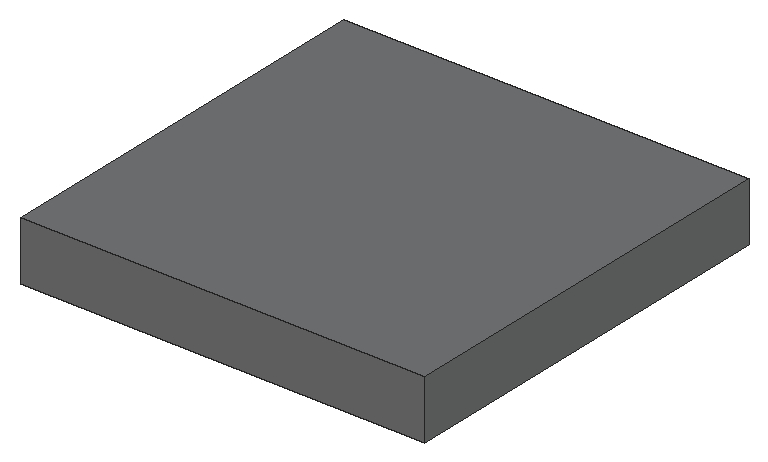
Revit family "Gira_0286600", category Electrical Fixtures, host Face, Revit 2017
Family settings
  Host = Face
  Maintain Annotation Orientation = No
  Round Connector Dimension = Use Diameter
  Part Type = Normal
  Cut with Voids When Loaded = No
  Shared = No
  Room Calculation Point = No
Parameters (values of type "Rocker sym.bell System 55 stainl.steel")
  With label area = "No"
  With exchangeable lens/symbol = "No"
  Utilization = "Switch/push button"
  URL = "http://katalog.gira.de/en/datenblatt.html?artikelnr=0286600"
  Type of fastening = "Clamp mounting"
  Surface protection = "Other"
  Suitable for touch sensor connector for bus system = "No"
  Suitable for degree of protection (IP) = "IP20"
  Scannable symbol / barrier free = "No"
  Name = "Rocker sym.bell System 55 stainl.steel"
  Monitoring window/light outlet = "Yes"
  Model = "Single rocker"
  Material quality = "Stainless steel"
  Material = "Metal"
  Manufacturer URL = "https://www.gira.de/"
  Manufacturer = "Gira"
  Keynote = ""
  Imprint/indication = "Symbol \"Klingel\" (*de-DE)"
  HeinzeBIM = "https://bimportal.heinze.de/bim/rocker-sym-bell-system-55-stainl-steel/9c0fa51ce85ba10247fa49edcb8f593f29ec506d"
  Halogen free = "No"
  HAN = "0286600"
  GTIN = "4010337021698"
  Description = "Rock.sym.bell Sys55 SST,Rocker with symbol,Bell,Stainless steel,"
  Default Elevation = 1219.2 mm
  Data sheet (1) = "https://katalog.gira.de/en/download.html?artikelnr=0286600"
  Colour = "Stainless steel"
  Category = "Control element/cover plate for domestic switching devices"
  BIM (1) = "https://media.stage.bim.site/public/gira/36a6b08/Sys55_Abdeckung_Schalten und Tasten.rfa?public/gira/36a6b08/Sys55_Abdeckung_Schalten und Tasten.rfa"
  Available = "No"
  Anthrazit [instance] = Anthrazit
Reference planes
  plane 1 "Center (Front/Back)": y = 0
  plane 2: z = 0
  plane 3 "Center (Left/Right)": x = 0
Forms (mm)
  Extrusion 1, solid, material "Anthrazit" <- "Anthrazit", detail levels fine
    sketch origin (0, 0, 0) x (1, 0, 0) y (0, 1, 0)
      loop
        line (-27.5, 27.5) -> (-27.5, -27.5) -> (27.5, -27.5) -> (27.5, 27.5) -> (-27.5, 27.5)
    from 0 to 8
  Extrusion 2, void
    sketch origin (0, 0, 0) x (1, 0, 0) y (0, 1, 0)
      loop
        line (26, 26) -> (-26, 26) -> (-26, -26) -> (26, -26) -> (26, 26)
    from 0 to 6
  Extrusion 3, solid, material "Anthrazit" <- "Anthrazit", detail levels medium
    sketch origin (0, 0, 0) x (1, 0, 0) y (0, 1, 0)
      loop
        line (-27.5, 27.5) -> (-27.5, -27.5) -> (27.5, -27.5) -> (27.5, 27.5) -> (-27.5, 27.5)
    from 0 to 8
  Extrusion 4, solid, material "Anthrazit" <- "Anthrazit", detail levels medium
    sketch origin (0, 0, 0) x (1, 0, 0) y (0, 1, 0)
      loop
        line (11, -17.5) -> (11, 17.5) -> (-11, 17.5) -> (-11, -17.5) -> (11, -17.5)
    from -6 to 6
  Extrusion 5, solid, material "Anthrazit" <- "Anthrazit", detail levels fine
    sketch origin (0, 0, 0) x (1, 0, 0) y (0, 1, 0)
      loop
        line (11, 17.5) -> (-11, 17.5) -> (-11, 16.5) -> (11, 16.5) -> (11, 17.5)
      loop
        line (-11, -16.5) -> (-11, -17.5) -> (11, -17.5) -> (11, -16.5) -> (-11, -16.5)
    from -4 to 6
  Extrusion 6, solid, material "Anthrazit" <- "Anthrazit", detail levels fine
    sketch origin (0, 0, 0) x (1, 0, 0) y (0, 1, 0)
      loop
        arc (5, 9.347) -> (0, 10.6) -> (-5, 9.347) r 10.6
        line (-5, 9.347) -> (-5, -9.347)
        arc (-5, -9.347) -> (0, -10.6) -> (5, -9.347) r 10.6
        line (5, -9.347) -> (5, 9.347)
    from -6 to 6
  Extrusion 7, solid, material "Anthrazit" <- "Anthrazit", detail levels coarse
    sketch origin (0, 0, 0) x (1, 0, 0) y (0, 1, 0)
      loop
        line (-27.5, 27.5) -> (-27.5, -27.5) -> (27.5, -27.5) -> (27.5, 27.5) -> (-27.5, 27.5)
    from -6 to 8
Cuts and joins
  Extrusion 2 cuts Extrusion 1
Dimensions and locks
  aligned and locked: plane 2 to host face
  aligned and locked: level to host face
